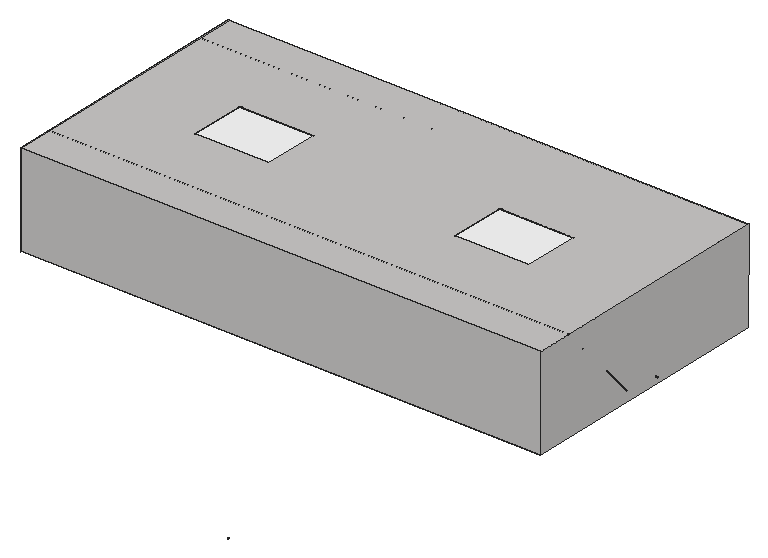
Revit family "QF_ELECTROLUXPROFESSIONAL_642012_EC1428T", category Specialty Equipment, Revit 2014
Reference planes
  plane 1: z = 0
  plane 2 "Center (Left/Right)": x = 150
  plane 3 "LEFT": x = -1250
  plane 4 "RIGHT": x = 1550
  plane 5 "BACK": y = 550
  plane 6 "TOP": z = 2500
  plane 7 "Base": z = 2000
  plane 8: z = 1946
  plane 9: x = -1247
  plane 10 "DrainX": x = 1399
  plane 11 "AOLeft2": x = -350
  plane 12 "AORight1": x = 650
  plane 13: x = 1547
  plane 14: x = -1050
  plane 15: x = 1350
  plane 16: x = 50
  plane 17: x = 250
  plane 18 "AOLeft1": x = -750
  plane 19 "AORight2": x = 1050
  plane 20: y = 0
  plane 21: y = -300
  plane 22: y = -150
  plane 23: y = -850
  plane 24: through (0, 260.354, 2382.279) normal (0, 0.766, -0.6428)
  plane 25: through (0, -560.351, 2382.279) normal (0, -0.766, -0.6428)
  plane 26: through (0, 272.154, 2402.468) normal (0, -0.753, 0.6581)
  plane 27: through (0, -572.152, 2402.468) normal (0, -0.753, -0.6581)
Forms (mm)
  Extrusion 1, solid, material "QF_Finishes_Stainless Steel"
    sketch origin (-1250, 0, 360) x (0, 1, 0) y (0, 0, 1)
      loop
        line (550, 1640) -> (550, 2140) -> (-850, 2140) -> (-850, 1640) -> (550, 1640)
    from 0 to 3
  Extrusion 2, solid, material "QF_Finishes_Stainless Steel"
    sketch origin (1550, 0, 360) x (0, 1, 0) y (0, 0, 1)
      loop
        line (550, 1640) -> (550, 2140) -> (-850, 2140) -> (-850, 1640) -> (550, 1640)
    from 0 to -3
  Extrusion 3, solid, material "QF_Finishes_Stainless Steel"
    sketch origin (150, 0, 360) x (0, 1, 0) y (0, 0, 1)
      loop
        line (-850, 2140) -> (-850, 1640) -> (-840, 1640) -> (-840, 1640.8) -> (-849.2, 1640.8) -> (-849.2, 2139.19) -> (549.2, 2139.19) -> (549.2, 1640.8) -> (540, 1640.8) -> (540, 1640) -> (550, 1640) -> (550, 2140) -> (-850, 2140)
    from -1400 to 1400
  Extrusion 4, solid, material "QF_Finishes_Stainless Steel"
    sketch origin (0, -600, 2000) x (0, 1, 0) y (-1, 0, 0)
      loop
        circle (450, -1399) r 6.35
    from -3.799 to 0
  Extrusion 5, void
    sketch origin (0, 400, 2500) x (0, 1, 0) y (-1, 0, 0)
      loop
        line (-400, 350) -> (-400, 750) -> (-700, 750) -> (-700, 350) -> (-400, 350)
    from 0 to -10
  Extrusion 6, solid, material "QF_Finishes_Stainless Steel"
    sketch origin (0, 0, 0) x (1, 0, 0) y (0, 1, 0)
      loop
        line (-1250, 550) -> (-1250, 549) -> (-1249, 549) -> (-1249, 550) -> (-1250, 550)
    from 0 to 1
  Extrusion 7, solid, material "QF_Finishes_Stainless Steel"
    sketch origin (150, 0, 360) x (0, 1, 0) y (0, 0, 1)
      loop
        line (-79.471, 1685.734) -> (-56.882, 1665.992) -> (272.154, 2042.468) -> (249.566, 2062.21) -> (-79.471, 1685.734)
      loop
        line (-572.152, 2042.468) -> (-243.115, 1665.992) -> (-220.526, 1685.734) -> (-549.563, 2062.21) -> (-572.152, 2042.468)
    from -1200 to -1397
  Extrusion 8, solid, material "QF_Finishes_Stainless Steel"
    sketch origin (150, 0, 360) x (0, 1, 0) y (0, 0, 1)
      loop
        line (260.354, 2022.279) -> (358.454, 2139.19) -> (357.41, 2139.19) -> (266.169, 2030.453) -> (264.331, 2031.996) -> (257.903, 2024.336) -> (260.354, 2022.279)
      loop
        line (-39.202, 1672.761) -> (-56.017, 1663.363) -> (-81.407, 1685.429) -> (-81.974, 1684.862) -> (-54.914, 1661.345) -> (-90.242, 1641.601) -> (-209.758, 1641.601) -> (-245.086, 1661.345) -> (-218.026, 1684.862) -> (-218.593, 1685.429) -> (-243.983, 1663.363) -> (-260.798, 1672.761) -> (-262.311, 1670.055) -> (-209.966, 1640.801) -> (-90.034, 1640.801) -> (-37.689, 1670.055) -> (-39.202, 1672.761)
      loop
        line (-560.354, 2022.279) -> (-557.903, 2024.336) -> (-564.331, 2031.996) -> (-566.169, 2030.453) -> (-657.41, 2139.19) -> (-658.454, 2139.19) -> (-560.354, 2022.279)
    from -1397 to 1397
  Extrusion 9, solid, material "QF_Finishes_Stainless Steel"
    sketch origin (150, 0, 360) x (0, 1, 0) y (0, 0, 1)
      loop
        line (272.154, 2042.468) -> (249.566, 2062.21) -> (-79.471, 1685.734) -> (-56.882, 1665.992) -> (272.154, 2042.468)
      loop
        line (-572.154, 2042.468) -> (-243.118, 1665.992) -> (-220.529, 1685.734) -> (-549.566, 2062.21) -> (-572.154, 2042.468)
    from 1397 to 1200
  Extrusion 10, solid, material "QF_Finishes_Stainless Steel"
    sketch origin (150, 0, 360) x (0, 1, 0) y (0, 0, 1)
      loop
        line (272.154, 2042.468) -> (249.566, 2062.21) -> (-79.471, 1685.734) -> (-56.882, 1665.992) -> (272.154, 2042.468)
      loop
        line (-572.154, 2042.468) -> (-243.118, 1665.992) -> (-220.529, 1685.734) -> (-549.566, 2062.21) -> (-572.154, 2042.468)
    from -100 to 100
  Extrusion 11, solid, material "QF_Finished_Chrome"
    sketch origin (150, 0, 360) x (0, 1, 0) y (0, 0, 1)
      loop
        line (249.566, 2062.21) -> (-79.471, 1685.734) -> (-56.882, 1665.992) -> (272.154, 2042.468) -> (249.566, 2062.21)
      loop
        line (-549.566, 2062.21) -> (-572.154, 2042.468) -> (-243.118, 1665.992) -> (-220.529, 1685.734) -> (-549.566, 2062.21)
    from -1200 to -100
  Extrusion 12, solid, material "QF_Finished_Chrome"
    sketch origin (150, 0, 360) x (0, 1, 0) y (0, 0, 1)
      loop
        line (272.154, 2042.468) -> (249.566, 2062.21) -> (-79.471, 1685.734) -> (-56.882, 1665.992) -> (272.154, 2042.468)
      loop
        line (-572.154, 2042.468) -> (-243.118, 1665.992) -> (-220.529, 1685.734) -> (-549.566, 2062.21) -> (-572.154, 2042.468)
    from 100 to 1200
  Sweep 13, solid, material "QF_Finishes_Stainless Steel"
    path origin (0, 0, 0) x (1, 0, 0) y (0, 1, 0)
      loop
        line (1550, 550) -> (-1250, 550) -> (-1250, -850) -> (1550, -850) -> (1550, 550)
    profile origin (1550, -150, 0) x (1, 0, 0) y (0, 0, 1)
      loop
        line (-3, 2000) -> (-3, 2000.8) -> (-19, 2000.8) -> (-19, 2010) -> (-20, 2010) -> (-20, 2000) -> (-3, 2000)
  Extrusion 14, void
    sketch origin (0, 400, 2500) x (0, 1, 0) y (-1, 0, 0)
      loop
        line (-400, -1050) -> (-400, -650) -> (-700, -650) -> (-700, -1050) -> (-400, -1050)
    from 0 to -10
  Extrusion 15, solid, material "QF_Finishes_Stainless Steel"
    sketch origin (1399, 0, 0) x (0, 1, 0) y (0, 0, 1)
      loop
        arc (-105.855, 1994.063) -> (-104.106, 1996.894) -> (-100.969, 1998.001) r 5
        line (-100.969, 1998.001) -> (-94.999, 1998.001) -> (-94.999, 2000.8) -> (-204.999, 2000.8) -> (-204.999, 1998.001) -> (-199.028, 1998.001)
        arc (-199.028, 1998.001) -> (-195.891, 1996.894) -> (-194.142, 1994.063) r 5
        line (-194.142, 1994.063) -> (-187.139, 1955.845)
        arc (-187.139, 1955.845) -> (-182.768, 1948.768) -> (-174.924, 1946) r 12.5
        line (-174.924, 1946) -> (-125.073, 1946)
        arc (-125.073, 1946) -> (-117.229, 1948.768) -> (-112.859, 1955.845) r 12.5
        line (-112.859, 1955.845) -> (-105.855, 1994.063)
    from -90 to 90
Cuts and joins
  Extrusion 5, Extrusion 14 cuts Extrusion 3
  joined: Extrusion 2, Extrusion 3, Sweep 13
Lines and regions (mm)
  symbolic lines, style "SpecialityEquipment", detail levels coarse
    curve 1: line (1550, 550, 2500) -> (-1250, 550, 2500)
    curve 2: line (-1250, 550, 2500) -> (-1250, -850, 2500)
    curve 3: line (1550, -850, 2500) -> (1550, 550, 2500)
    curve 4: line (-1250, 550, 0) -> (1550, -850, 0)
    curve 5: line (1550, 550, 0) -> (-1250, -850, 0)
  symbolic lines, detail levels coarse
    curve 6: line (-1250, -850, 0) -> (1550, -850, 0)
    curve 7: line (-350, 0, 0) -> (-750, 0, 0)
    curve 8: line (-350, -300, 0) -> (-350, 0, 0)
    curve 9: line (-750, -300, 0) -> (-350, -300, 0)
    curve 10: line (-750, 0, 0) -> (-750, -300, 0)
    curve 11: line (1050, 0, 0) -> (650, 0, 0)
    curve 12: line (1050, -300, 0) -> (1050, 0, 0)
    curve 13: line (650, -300, 0) -> (1050, -300, 0)
    curve 14: line (650, 0, 0) -> (650, -300, 0)
Dimensions and locks
  plane 3 "LEFT" to plane 4 "RIGHT" = 2800 mm
  equal spacing: plane 3 "LEFT", plane 2 "Center (Left/Right)", plane 4 "RIGHT"
  plane 3 "LEFT" to plane 9 = 3 mm
  plane 10 "DrainX" to plane 4 "RIGHT" = 151 mm
  plane 13 to plane 4 "RIGHT" = 3 mm
  plane 3 "LEFT" to plane 14 = 200 mm
  plane 15 to plane 4 "RIGHT" = 200 mm
  locked: plane 11 "AOLeft2" to plane 12 "AORight1" at 1000
  equal spacing: plane 11 "AOLeft2", plane 2 "Center (Left/Right)", plane 12 "AORight1"
  locked: plane 7 "Base" to level at 2000
  locked: plane 6 "TOP" to plane 7 "Base" at 500
  locked: plane 16 to plane 17 at 200
  equal spacing: plane 16, plane 2 "Center (Left/Right)", plane 17
  plane 18 "AOLeft1" to plane 11 "AOLeft2" = 400 mm
  plane 12 "AORight1" to plane 19 "AORight2" = 400 mm
  plane 5 "BACK" to plane 23 = 1400 mm  (x2)
  equal spacing: plane 5 "BACK", plane 22, plane 23
  locked: plane 20 to plane 21 at 300
  equal spacing: plane 20, plane 22, plane 21
  plane 7 "Base" to plane 8 = 54 mm
  aligned and locked: level to plane 1
  aligned and locked: plane 4 "RIGHT" to Extrusion 3
  aligned and locked: Extrusion 3 to plane 3 "LEFT"
  aligned and locked: Extrusion 7 to plane 9
  aligned and locked: Extrusion 7 to plane 14
  aligned and locked: Extrusion 2 to plane 13
  aligned and locked: plane 13 to Extrusion 9
  aligned and locked: plane 15 to Extrusion 9
  aligned and locked: plane 17 to Extrusion 10
  aligned and locked: Extrusion 10 to plane 16
  aligned and locked: plane 16 to Extrusion 11
  aligned and locked: Extrusion 11 to plane 14
  aligned and locked: Extrusion 12 to plane 17
  aligned and locked: Extrusion 12 to plane 15
  aligned and locked: Extrusion 8 to plane 9
  aligned and locked: plane 13 to Extrusion 8
  aligned and locked: Extrusion 5 to plane 18 "AOLeft1"
  aligned and locked: Extrusion 5 to plane 11 "AOLeft2"
  aligned and locked: plane 12 "AORight1" to Extrusion 14
  aligned and locked: plane 19 "AORight2" to Extrusion 14
  aligned and locked: plane 20 to curve 7
  aligned and locked: curve 9 to plane 21
  aligned and locked: plane 20 to curve 11
  aligned and locked: curve 13 to plane 21
  aligned and locked: plane 20 to Extrusion 5 sketch curve
  aligned and locked: Extrusion 5 sketch curve to plane 21
  aligned and locked: plane 20 to Extrusion 14 sketch curve
Automatic sketch dimensions
  Extrusion 1 sketch curve to plane 7 "Base" = 0 mm
  Extrusion 1 sketch curve to plane 5 "BACK" = 0 mm
  Extrusion 1 sketch curve to plane 6 "TOP" = 0 mm
  Extrusion 2 sketch curve to plane 7 "Base" = 0 mm
  Extrusion 2 sketch curve to plane 5 "BACK" = 0 mm
  Extrusion 2 sketch curve to plane 6 "TOP" = 0 mm
  Extrusion 3 sketch curve to plane 6 "TOP" = 0 mm
  Extrusion 3 sketch curve to plane 7 "Base" = 0 mm  (x2)
  Extrusion 3 sketch curve to plane 5 "BACK" = 0 mm
  Extrusion 3 sketch curve to Extrusion 3 sketch curve = 9.2 mm
  plane 7 "Base" to Extrusion 3 sketch curve = 0.8 mm  (x2)
  Extrusion 3 sketch curve to plane 5 "BACK" = 10 mm
  Extrusion 3 sketch curve to plane 5 "BACK" = 0.8 mm
  Extrusion 3 sketch curve to plane 6 "TOP" = 0.81 mm
  Extrusion 4 sketch curve to plane 10 "DrainX" = 0 mm
  Extrusion 5 sketch curve to plane 11 "AOLeft2" = 0 mm
  Extrusion 5 sketch curve to plane 18 "AOLeft1" = 0 mm
  Extrusion 6 sketch curve to plane 3 "LEFT" = 0 mm
  Extrusion 6 sketch curve to plane 5 "BACK" = 0 mm
  plane 3 "LEFT" to Extrusion 6 sketch curve = 1 mm
  Extrusion 6 sketch curve to Extrusion 6 sketch curve = 1 mm
  Sweep 13 sketch curve to plane 3 "LEFT" = 0 mm
  Sweep 13 sketch curve to plane 4 "RIGHT" = 0 mm
  Sweep 13 sketch curve to plane 5 "BACK" = 0 mm
  profile plane to Sweep 13 sketch curve = 20 mm
  Sweep 13 sketch curve to Sweep 13 sketch curve = 1 mm
  profile plane to Sweep 13 sketch curve = 3 mm
  level to Sweep 13 sketch curve = 2000 mm
  Sweep 13 sketch curve to Sweep 13 sketch curve = 0.8 mm
  Sweep 13 sketch curve to Sweep 13 sketch curve = 9.2 mm
  Extrusion 14 sketch curve to plane 11 "AOLeft2" = 1400 mm
  plane 18 "AOLeft1" to Extrusion 14 sketch curve = 1400 mm
  Extrusion 14 sketch curve to Extrusion 14 sketch curve = 300 mm
  Extrusion 1 sketch curve to plane 21 = 550 mm
  Extrusion 2 sketch curve to plane 21 = 550 mm
  Extrusion 3 sketch curve to plane 21 = 540 mm
  Extrusion 3 sketch curve to Extrusion 3 sketch curve = 0.8 mm
  Sweep 13 sketch curve to plane 21 = 550 mm
  curve 5 to plane 3 "LEFT" = 0 mm
  curve 4 to plane 3 "LEFT" = 0 mm
  curve 10 to plane 18 "AOLeft1" = 0 mm
  curve 8 to plane 11 "AOLeft2" = 0 mm
  curve 14 to plane 12 "AORight1" = 0 mm
  curve 12 to plane 19 "AORight2" = 0 mm
  curve 5 to plane 4 "RIGHT" = 0 mm
  curve 6 to plane 4 "RIGHT" = 0 mm
  curve 4 to plane 5 "BACK" = 0 mm
  curve 5 to plane 5 "BACK" = 0 mm
  curve 6 to plane 23 = 0 mm
  Extrusion 7 sketch curve to plane 26 = 0 mm  (x2)
  Extrusion 7 sketch curve to plane 6 "TOP" = 77.79 mm  (x2)
  plane 7 "Base" to Extrusion 7 sketch curve = 25.992 mm  (x2)
  plane 7 "Base" to Extrusion 7 sketch curve = 45.734 mm
  Extrusion 7 sketch curve to plane 27 = 0 mm
  plane 27 to Extrusion 7 sketch curve = 0 mm
  Extrusion 7 sketch curve to plane 22 = 70.526 mm
  Extrusion 11 sketch curve to plane 26 = 0 mm  (x2)
  Extrusion 11 sketch curve to plane 21 = 272.154 mm
  Extrusion 11 sketch curve to plane 6 "TOP" = 77.79 mm  (x2)
  Extrusion 11 sketch curve to Extrusion 11 sketch curve = 22.589 mm
  plane 7 "Base" to Extrusion 11 sketch curve = 25.992 mm  (x2)
  plane 21 to Extrusion 11 sketch curve = 56.882 mm
  plane 22 to Extrusion 11 sketch curve = 70.529 mm
  Extrusion 10 sketch curve to plane 26 = 0 mm  (x2)
  Extrusion 10 sketch curve to plane 21 = 272.154 mm
  Extrusion 10 sketch curve to plane 6 "TOP" = 77.79 mm  (x2)
  Extrusion 10 sketch curve to Extrusion 10 sketch curve = 22.589 mm
  plane 7 "Base" to Extrusion 10 sketch curve = 25.992 mm  (x2)
  plane 21 to Extrusion 10 sketch curve = 56.882 mm
  plane 22 to Extrusion 10 sketch curve = 70.529 mm
  Extrusion 12 sketch curve to plane 26 = 0 mm  (x2)
  Extrusion 12 sketch curve to plane 21 = 272.154 mm
  Extrusion 12 sketch curve to plane 6 "TOP" = 77.79 mm  (x2)
  Extrusion 12 sketch curve to Extrusion 12 sketch curve = 22.589 mm
  plane 7 "Base" to Extrusion 12 sketch curve = 25.992 mm  (x2)
  plane 21 to Extrusion 12 sketch curve = 56.882 mm
  plane 22 to Extrusion 12 sketch curve = 70.529 mm
  Extrusion 9 sketch curve to plane 26 = 0 mm  (x2)
  Extrusion 9 sketch curve to plane 21 = 272.154 mm
  Extrusion 9 sketch curve to plane 6 "TOP" = 77.79 mm  (x2)
  Extrusion 9 sketch curve to Extrusion 9 sketch curve = 22.589 mm
  plane 7 "Base" to Extrusion 9 sketch curve = 25.992 mm  (x2)
  plane 21 to Extrusion 9 sketch curve = 56.882 mm
  plane 22 to Extrusion 9 sketch curve = 70.529 mm
  Extrusion 4 sketch curve to plane 22 = 0 mm
  plane 7 "Base" to Extrusion 15 sketch curve = 0.8 mm
  Extrusion 15 sketch curve to plane 22 = 54.999 mm
  Extrusion 15 sketch curve to Extrusion 15 sketch curve = 5.97 mm  (x2)
  Extrusion 15 sketch curve to Extrusion 15 sketch curve = 4.886 mm  (x2)
  plane 8 to Extrusion 15 sketch curve = 9.845 mm  (x2)
  Extrusion 15 sketch curve to Extrusion 15 sketch curve = 7.004 mm  (x2)
  plane 8 to Extrusion 15 sketch curve = 12.5 mm
  Extrusion 15 sketch curve to Extrusion 15 sketch curve = 12.215 mm  (x2)
  plane 22 to Extrusion 15 sketch curve = 24.927 mm
  Extrusion 15 sketch curve to plane 7 "Base" = 5.937 mm
  Extrusion 15 sketch curve to plane 7 "Base" = 1.999 mm  (x2)
  Extrusion 15 sketch curve to Extrusion 15 sketch curve = 1.062 mm
  plane 24 to Extrusion 8 sketch curve = 0 mm  (x2)
  Extrusion 8 sketch curve to plane 6 "TOP" = 0.81 mm  (x2)
  plane 23 to Extrusion 8 sketch curve = 191.546 mm
  Extrusion 8 sketch curve to Extrusion 8 sketch curve = 1.044 mm
  Extrusion 8 sketch curve to plane 6 "TOP" = 109.547 mm  (x2)
  Extrusion 8 sketch curve to Extrusion 8 sketch curve = 91.241 mm
  Extrusion 8 sketch curve to plane 6 "TOP" = 108.004 mm  (x2)
  Extrusion 8 sketch curve to plane 6 "TOP" = 117.721 mm
  plane 21 to Extrusion 8 sketch curve = 37.689 mm
  plane 7 "Base" to Extrusion 8 sketch curve = 32.761 mm
  Extrusion 8 sketch curve to Extrusion 8 sketch curve = 1.512 mm
  plane 7 "Base" to Extrusion 8 sketch curve = 21.345 mm  (x2)
  Extrusion 8 sketch curve to Extrusion 8 sketch curve = 17.225 mm
  plane 7 "Base" to Extrusion 8 sketch curve = 23.363 mm  (x2)
  Extrusion 8 sketch curve to Extrusion 8 sketch curve = 1.103 mm  (x2)
  Extrusion 8 sketch curve to Extrusion 8 sketch curve = 25.389 mm  (x2)
  Extrusion 8 sketch curve to Extrusion 8 sketch curve = 0.567 mm  (x4)
  plane 7 "Base" to Extrusion 8 sketch curve = 0.801 mm
  plane 7 "Base" to Extrusion 8 sketch curve = 1.601 mm
  plane 22 to Extrusion 8 sketch curve = 59.758 mm
  Extrusion 8 sketch curve to Extrusion 8 sketch curve = 0.208 mm  (x2)
  Extrusion 8 sketch curve to Extrusion 8 sketch curve = 8.268 mm
  Extrusion 8 sketch curve to Extrusion 8 sketch curve = 16.816 mm
  plane 7 "Base" to Extrusion 8 sketch curve = 30.055 mm
  Extrusion 8 sketch curve to plane 6 "TOP" = 115.664 mm
  plane 20 to Extrusion 8 sketch curve = 257.903 mm
  Extrusion 8 sketch curve to Extrusion 8 sketch curve = 21.498 mm  (x2)
  curve 2 to plane 3 "LEFT" = 0 mm
  curve 2 to plane 23 = 0 mm
  curve 3 to plane 4 "RIGHT" = 0 mm
  curve 3 to plane 23 = 0 mm
  curve 2 to plane 5 "BACK" = 0 mm
  radius of Extrusion 4 sketch curve = 6.35 mm
Connectors
  piping at (1399, -150, 1996.201), diameter 12.7
    settings: on Extrusion 4, index 1, connector inside diameter 609.6 mm, connector length 0 mm, flow factor 0, pipe flow 0.0 L/s, pressure drop 0.0 Pa, fitting loss kfactor 0, connector angle 0.00°, fixture units 0, engagement length 0 mm, angle of deflection 0.00°, flow configuration 1, flow direction 2, fitting loss method 0, system type 16, joint type 0, gender type 0, connector reference index -1, connector utility 0, adjustable connector no, is connector primary yes, connector description "Drain"
  hvac at (-550, -150, 2500)
    settings: on Extrusion 5, index 2, duct flow 0.0 L/s, flow factor 0, pres drop 0.0 Pa, loss coef 0, conn angle 0.00°, conn width 300 mm, conn height 400 mm, conn diameter 609.6 mm, duct sys type 3, conn prof type 1, flow config 1, flow direction 2, loss method 0, conn ref index -1, conn util no, is conn primary yes, conn desc "EXHAUST OUTLET"
  hvac at (850, -150, 2500)
    settings: on Extrusion 14, index 3, duct flow 0.0 L/s, flow factor 0, pres drop 0.0 Pa, loss coef 0, conn angle 0.00°, conn width 300 mm, conn height 400 mm, conn diameter 609.6 mm, duct sys type 3, conn prof type 1, flow config 1, flow direction 2, loss method 0, conn ref index -1, conn util no, is conn primary no, conn desc "EXHAUST OUTLET"
